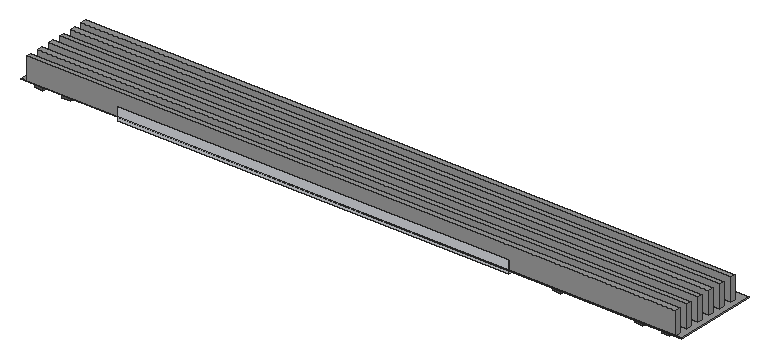
Revit family "1114-6, Veneer", category Generic Models, host Face, Revit 2020
Family settings
  Host = Face
  Can host rebar = No
  Round Connector Dimension = Use Diameter
  Part Type = Normal
  Cut with Voids When Loaded = No
  Shared = No
  Room Calculation Point = No
Parameters
  min_value [instance] = 1' - 11 1/4"  # constant formula
  max_value [instance] = 9' - 11 1/4"  # constant formula
  actual_value [instance] = if(NET LENGTH < min_value, min_value, if(NET LENGTH > max_value, max_value, NET LENGTH))  # 7' - 11 1/4"
  SCRIM MATERIAL [instance] = SCRIM
  SCRIM [instance] = yes
  NET LENGTH [instance] = 7' - 11 1/4"
  Default Elevation = 4' - 0"
  BACKER MATERIAL [instance] = BLACK-BACKERS
  .. MEMBER WIDTH [instance] = 0' - 0 3/4"  # constant formula
  .. MEMBER MATERIAL [instance] = Veneer Cherry
  .. MEMBER LENGTH [instance] = actual_value  # 7' - 11 1/4"
  .. MEMBER DEPTH [instance] = 0' - 3 1/4"  # constant formula
  .. MEMBER COUNT [instance] = 6  # constant formula
  IMPORTANT NOTE!!!                                                                             *Backer layout is for visualization purposes only, final layout to be determined by 9Wood. [instance] = ""
Reference planes (in)
  plane 1 "Center (Front/Back)": y = 0
  plane 2: z = 1.82209
  plane 3 "Center (Left/Right)": x = 0
Forms (in)
  Extrusion 1, solid
    sketch origin (132, -33.80483, 0) x (1, 0, 0) y (0, 1, 0)
      loop
        line (-118.625, 33.80483) -> (-61.26146, 33.80483) -> (-61.26146, 45.86733) -> (-118.625, 45.86733) -> (-118.625, 33.80483)
    from 1.82209 to 0
Dimensions and locks (in)
  aligned and locked: Extrusion 1 to plane 2
  aligned and locked: plane 3 "Center (Left/Right)" to nested 1
Nested families (in)
  nested 1: "1100 SERIES CONFIG" at (0, 2, 0), .. MEMBER DEPTH <- ".. MEMBER DEPTH", .. MEMBER LENGTH <- ".. MEMBER LENGTH", .. MEMBER WIDTH <- ".. MEMBER WIDTH", .. MEMBER MATERIAL <- ".. MEMBER MATERIAL", BACKING M MATERIAL <- "BACKER MATERIAL", SCRIM  MATERIAL <- "SCRIM MATERIAL", .. MEMBER COUNT <- ".. MEMBER COUNT", SCRIM <- "SCRIM", type "1100 SERIES CONFIG"
    with X 7' - 8", SCRIM OVERHANG 2 0' - 0 3/32", SCRIM OVERHANG 0' - 0 7/8", SCRIM LENGTH 8' - 1", SCRIM  MATERIAL SCRIM, SCRIM yes, NOMINAL LENGTH 7, N 8, Inset 6' - 0 3/8", INSET 0' - 1", INDEX 0' - 5 5/8", HALF MEMBER WIDTH 0' - 0 3/8", HALF LENGTH 3' - 11 5/8", END BACKER yes, BACKING M WIDTH 0' - 1 1/4", BACKING M OC SPACING 1' - 0", BACKING M MATERIAL BLACK-BACKERS, BACKING M LENGTH 0' - 11 7/8", BACKING M DEPTH 0' - 0 1/2", BACKING M COUNT 8, 3/16" INSET 0' - 0 3/16", .. MEMBER WIDTH 0' - 0 3/4", .. MEMBER OC SPACING 0' - 2", .. MEMBER MATERIAL Veneer Cherry, .. MEMBER LENGTH 7' - 11 1/4", .. MEMBER DEPTH 0' - 3 1/4", .. MEMBER COUNT 6
Definition of nested family "1100 SERIES CONFIG"
  Parameters (values of type "1100 SERIES CONFIG")
    X [instance] = .. MEMBER LENGTH - 0' 3 1/4"  # 5' - 5"
    SCRIM OVERHANG 2 [instance] = 0' - 0 3/32"  # constant formula
    SCRIM OVERHANG [instance] = 0' - 0 7/8"  # constant formula
    SCRIM LENGTH [instance] = .. MEMBER LENGTH + (SCRIM OVERHANG * 2)  # 5' - 10"
    SCRIM  MATERIAL [instance] = none
    SCRIM [instance] = yes
    NOMINAL LENGTH [instance] = 7
    N [instance] = if((X - (rounddown(X / 1' 0") * 1' 0")) > 1' 0", rounddown(X / 1' 0") + 2, rounddown(X / 1' 0") + 1)  # 6
    Inset [instance] = 6' - 0 3/8"  # constant formula
    INSET [instance] = 0' - 1"  # constant formula
    END BACKER [instance] = INDEX > 0' 3 5/8"  # yes
    INDEX [instance] = (.. MEMBER LENGTH - ((N - 1) * 1' 0")) / 2  # 0' - 4 1/8"
    HALF MEMBER WIDTH [instance] = .. MEMBER WIDTH / 2  # 0' - 0 5/16"
    HALF LENGTH [instance] = .. MEMBER LENGTH / 2  # 2' - 10 1/8"
    Default Elevation = 0' - 0"
    BACKING M WIDTH [instance] = 0' - 1 1/4"
    BACKING M SPACING = 3' - 3"
    BACKING M MATERIAL [instance] = none
    BACKING M LENGTH [instance] = 0' - 11 7/8"
    BACKING M DEPTH [instance] = 0' - 0 1/2"
    BACKING M COUNT [instance] = N  # 6
    BACKING M OC SPACING [instance] = 1' - 0"  # constant formula
    3/16" INSET [instance] = 0' - 0 3/16"  # constant formula
    .. MEMBER WIDTH [instance] = 0' - 0 5/8"
    .. MEMBER OC SPACING [instance] = 1' 0" / .. MEMBER COUNT  # 0' - 4"
    .. MEMBER MATERIAL [instance] = none
    .. MEMBER LENGTH [instance] = 5' - 8 1/4"
    .. MEMBER DEPTH [instance] = 0' - 1 3/8"
    .. MEMBER COUNT [instance] = 3
  Reference planes (in)
    plane 1 "Center (Front/Back)": y = -2
    plane 2: z = 0
    plane 3 "Center (Left/Right)": x = 0
    plane 4: x = 1
    plane 5: x = 4.125
    plane 6: x = 34.125
    plane 7: x = 68.25
    plane 8: x = 67.25
    plane 9: x = 16.125
    plane 10: y = -1.8125
    plane 11: y = -1.6875
    plane 12: y = 2.3125
    plane 13: x = 69.125
    plane 14: x = -0.875
    plane 15: z = 0.5
    plane 16: z = 0.5625
    plane 17: y = 10.0625
    plane 18: y = 10.15625
    plane 19: y = -2.09375
  Dimensions and locks (in)
    "INSET": plane 3 "Center (Left/Right)" to plane 4
    "INDEX": plane 3 "Center (Left/Right)" to plane 5
    "HALF LENGTH": plane 3 "Center (Left/Right)" to plane 6
    ".. MEMBER LENGTH": plane 3 "Center (Left/Right)" to plane 7
    "INSET": plane 8 to plane 7
    equal spacing: group 2, group 3, group 6, group 7, group 8, group 9  (x3)
    "3/16" INSET": plane 1 "Center (Front/Back)" to plane 10
    ".. MEMBER OC SPACING": plane 12 to plane 11
    "SCRIM OVERHANG": plane 14 to plane 3 "Center (Left/Right)"
    "SCRIM OVERHANG": plane 7 to plane 13
    equal spacing: group 1, group 4, group 5  (x2)
    equal spacing: group 5, group 4, group 1
    "HALF MEMBER WIDTH": plane 1 "Center (Front/Back)" to plane 11
    "BACKING M OC SPACING": plane 5 to plane 9
    "SCRIM OVERHANG 2": plane 18 to plane 17
    "SCRIM OVERHANG 2": plane 19 to plane 1 "Center (Front/Back)"
    aligned and locked: level to plane 2
    aligned and locked: plane 6 to nested 1
    aligned and locked: nested 2 to plane 4
    aligned and locked: plane 5 to nested 3
    aligned and locked: plane 1 "Center (Front/Back)" to nested 1
    aligned and locked: nested 2 to plane 10
    aligned and locked: nested 3 to plane 10
    aligned and locked: nested 5 to plane 10
    aligned and locked: nested 4 to plane 10
    aligned and locked: nested 6 to plane 14
    aligned and locked: plane 12 to nested 7
    aligned and locked: nested 7 to plane 3 "Center (Left/Right)"
    aligned and locked: plane 9 to nested 5
    aligned and locked: plane 8 to nested 4
    aligned and locked: plane 15 to nested 2
    aligned and locked: nested 6 to plane 15
    aligned and locked: nested 1 to plane 16
    aligned and locked: nested 7 to plane 16
    aligned and locked: nested 6 to plane 19
  Nested families (in)
    nested 1: "INSTANCE - Parametric Cube" at (34.125, -1.6875, 1.9375), Length <- ".. MEMBER WIDTH", Height <- ".. MEMBER DEPTH", Width <- ".. MEMBER LENGTH", Material <- ".. MEMBER MATERIAL", type "INSTANCE - Parametric Cube"
      with Width 5' - 8 1/4", Material none, Length 0' - 0 5/8", Height 0' - 1 3/8"
    nested 2: "2ND INSTANCE - Parametric Cube" at (1.625, 4.125, 0), Height <- "BACKING M DEPTH", Length <- "BACKING M LENGTH", Width <- "BACKING M WIDTH", Material <- "BACKING M MATERIAL", visible <- "END BACKER", type "2ND INSTANCE - Parametric Cube"
      with Width 0' - 1 1/4", Material none, Length 0' - 11 7/8", Height 0' - 0 1/2"
    nested 3: "2ND INSTANCE - Parametric Cube" at (4.125, 4.125, 0), Length <- "BACKING M LENGTH", Height <- "BACKING M DEPTH", Width <- "BACKING M WIDTH", Material <- "BACKING M MATERIAL", type "2ND INSTANCE - Parametric Cube"
      with Width 0' - 1 1/4", Material none, Length 0' - 11 7/8", Height 0' - 0 1/2"
    nested 4: "2ND INSTANCE - Parametric Cube" at (66.625, 4.125, 0), Width <- "BACKING M WIDTH", Length <- "BACKING M LENGTH", Height <- "BACKING M DEPTH", Material <- "BACKING M MATERIAL", visible <- "END BACKER", type "2ND INSTANCE - Parametric Cube"
      with Width 0' - 1 1/4", Material none, Length 0' - 11 7/8", Height 0' - 0 1/2"
    nested 5: "2ND INSTANCE - Parametric Cube" at (16.125, 4.125, 0), Length <- "BACKING M LENGTH", Height <- "BACKING M DEPTH", Width <- "BACKING M WIDTH", Material <- "BACKING M MATERIAL", type "2ND INSTANCE - Parametric Cube"
      with Width 0' - 1 1/4", Material none, Length 0' - 11 7/8", Height 0' - 0 1/2"
    nested 6: "3RD INSTANCE - Parametric Cube" at (34.125, 4.0445, 0.5), Width <- "SCRIM LENGTH", Material <- "SCRIM  MATERIAL", visible <- "SCRIM", type "3RD INSTANCE - Parametric Cube"
      with Width 5' - 10", Material none, Length 1' - 0.27649", Height 0' - 0 1/16"
    nested 7: "INSTANCE - Parametric Cube" at (34.125, 2.3125, 1.9375), Length <- ".. MEMBER WIDTH", Height <- ".. MEMBER DEPTH", Width <- ".. MEMBER LENGTH", Material <- ".. MEMBER MATERIAL", type "INSTANCE - Parametric Cube"
      with Width 5' - 8 1/4", Material none, Length 0' - 0 5/8", Height 0' - 1 3/8"
    nested 8: "INSTANCE - Parametric Cube" at (34.125, 6.3125, 1.9375), Length <- ".. MEMBER WIDTH", Height <- ".. MEMBER DEPTH", Width <- ".. MEMBER LENGTH", Material <- ".. MEMBER MATERIAL", type "INSTANCE - Parametric Cube"
      with Width 5' - 8 1/4", Material none, Length 0' - 0 5/8", Height 0' - 1 3/8"
    nested 9: "2ND INSTANCE - Parametric Cube" at (28.125, 4.125, 0), Length <- "BACKING M LENGTH", Height <- "BACKING M DEPTH", Width <- "BACKING M WIDTH", Material <- "BACKING M MATERIAL", type "2ND INSTANCE - Parametric Cube"
      with Width 0' - 1 1/4", Material none, Length 0' - 11 7/8", Height 0' - 0 1/2"
    nested 10: "2ND INSTANCE - Parametric Cube" at (40.125, 4.125, 0), Length <- "BACKING M LENGTH", Height <- "BACKING M DEPTH", Width <- "BACKING M WIDTH", Material <- "BACKING M MATERIAL", type "2ND INSTANCE - Parametric Cube"
      with Width 0' - 1 1/4", Material none, Length 0' - 11 7/8", Height 0' - 0 1/2"
    nested 11: "2ND INSTANCE - Parametric Cube" at (52.125, 4.125, 0), Length <- "BACKING M LENGTH", Height <- "BACKING M DEPTH", Width <- "BACKING M WIDTH", Material <- "BACKING M MATERIAL", type "2ND INSTANCE - Parametric Cube"
      with Width 0' - 1 1/4", Material none, Length 0' - 11 7/8", Height 0' - 0 1/2"
    nested 12: "2ND INSTANCE - Parametric Cube" at (64.125, 4.125, 0), Length <- "BACKING M LENGTH", Height <- "BACKING M DEPTH", Width <- "BACKING M WIDTH", Material <- "BACKING M MATERIAL", type "2ND INSTANCE - Parametric Cube"
      with Width 0' - 1 1/4", Material none, Length 0' - 11 7/8", Height 0' - 0 1/2"
  Definition of nested family "INSTANCE - Parametric Cube"
    Parameters (values of type "INSTANCE - Parametric Cube")
      Width [instance] = 0' - 6"
      Material [instance] = none
      Length [instance] = 1' - 0"
      Height [instance] = 1' - 6"
      Default Elevation = 0' - 0"
    Reference planes (in)
      plane 1 "Center (Front/Back)": y = 0
      plane 2: z = 0
      plane 3 "Center (Left/Right)": x = 0
      plane 4: x = -3
      plane 5: x = 3
      plane 6: y = 6
      plane 7: y = -6
      plane 8: z = -18
    Forms (in)
      Extrusion 1, solid, material <- "Material"
        sketch origin (0, 0, 0) x (1, 0, 0) y (0, 1, 0)
          loop
            line (-3, 6) -> (-3, -6) -> (3, -6) -> (3, 6) -> (-3, 6)
        from -18 to 0
    Dimensions and locks (in)
      equal spacing: plane 4, plane 3 "Center (Left/Right)", plane 5
      equal spacing: plane 6, plane 1 "Center (Front/Back)", plane 7
      "Length": plane 6 to plane 7
      "Width": plane 4 to plane 5
      "Height": plane 8 to level
      aligned and locked: plane 2 to level
      aligned and locked: Extrusion 1 sketch curve to plane 6
      aligned and locked: plane 4 to Extrusion 1 sketch curve
      aligned and locked: plane 7 to Extrusion 1 sketch curve
      aligned and locked: Extrusion 1 sketch curve to plane 5
      aligned and locked: Extrusion 1 to plane 8
  Definition of nested family "2ND INSTANCE - Parametric Cube"
    Parameters (values of type "2ND INSTANCE - Parametric Cube")
      Width [instance] = 0' - 6"
      Material [instance] = none
      Length [instance] = 1' - 0"
      Height [instance] = 1' - 6"
      Default Elevation = 0' - 0"
    Reference planes (in)
      plane 1 "Center (Front/Back)": y = 0
      plane 2: z = 0
      plane 3 "Center (Left/Right)": x = 0
      plane 4: x = -3
      plane 5: x = 3
      plane 6: y = 6
      plane 7: y = -6
      plane 8: z = 18
    Forms (in)
      Extrusion 1, solid, material <- "Material"
        sketch origin (0, 0, 0) x (1, 0, 0) y (0, 1, 0)
          loop
            line (-3, 6) -> (-3, -6) -> (3, -6) -> (3, 6) -> (-3, 6)
        from 0 to 18
    Dimensions and locks (in)
      equal spacing: plane 4, plane 3 "Center (Left/Right)", plane 5
      equal spacing: plane 6, plane 1 "Center (Front/Back)", plane 7
      "Length": plane 6 to plane 7
      "Width": plane 4 to plane 5
      "Height": level to plane 8
      aligned and locked: plane 2 to level
      aligned and locked: Extrusion 1 sketch curve to plane 6
      aligned and locked: plane 4 to Extrusion 1 sketch curve
      aligned and locked: plane 7 to Extrusion 1 sketch curve
      aligned and locked: Extrusion 1 sketch curve to plane 5
      aligned and locked: plane 8 to Extrusion 1
      aligned and locked: Extrusion 1 to level
  Definition of nested family "3RD INSTANCE - Parametric Cube"
    Parameters (values of type "3RD INSTANCE - Parametric Cube")
      Width [instance] = 0' - 6"
      Material [instance] = none
      Length [instance] = 1' - 0"
      Height [instance] = 1' - 6"
      Default Elevation = 0' - 0"
    Reference planes (in)
      plane 1 "Center (Front/Back)": y = 0
      plane 2: z = 0
      plane 3 "Center (Left/Right)": x = 0
      plane 4: x = -3
      plane 5: x = 3
      plane 6: y = 6
      plane 7: y = -6
      plane 8: z = 18
    Forms (in)
      Extrusion 1, solid, material <- "Material"
        sketch origin (0, 0, 0) x (1, 0, 0) y (0, 1, 0)
          loop
            line (-3, 6) -> (-3, -6) -> (3, -6) -> (3, 6) -> (-3, 6)
        from 0 to 18
    Dimensions and locks (in)
      equal spacing: plane 4, plane 3 "Center (Left/Right)", plane 5
      equal spacing: plane 6, plane 1 "Center (Front/Back)", plane 7
      "Length": plane 6 to plane 7
      "Width": plane 4 to plane 5
      "Height": level to plane 8
      aligned and locked: plane 2 to level
      aligned and locked: Extrusion 1 sketch curve to plane 6
      aligned and locked: plane 4 to Extrusion 1 sketch curve
      aligned and locked: plane 7 to Extrusion 1 sketch curve
      aligned and locked: Extrusion 1 sketch curve to plane 5
      aligned and locked: plane 8 to Extrusion 1
      aligned and locked: Extrusion 1 to level
